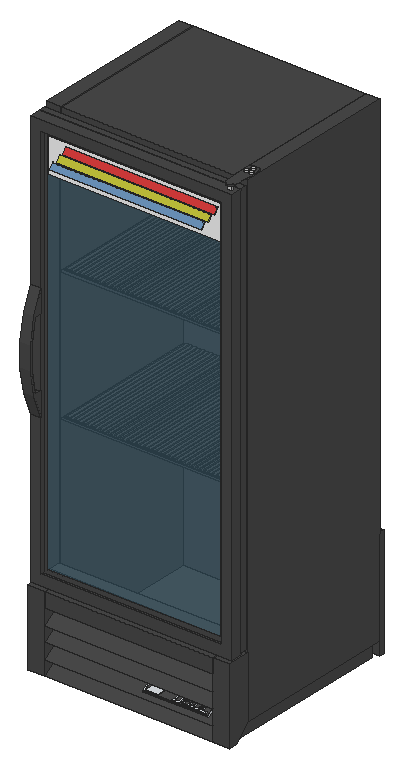
Revit family "QF_TRUE_GDM-12FC-HC~TSL01", category Specialty Equipment, Revit 2016 (continued)
Definition of nested family "2.5 INCHES_CASTER"
  Forms (in)
    Extrusion 2, solid, visible <- "2.5 Inches Caster"
      sketch origin (-1.93794, 1.80294, -3.2541) x (0, 1, 0) y (0, 0, 1)
        loop
          arc (0.12713, 4.91318) -> (-0.07255, 5.06376) -> (-0.29048, 5.18644) r 1.8753
          line (-0.29048, 5.18644) -> (-0.22239, 5.30423)
          arc (-0.22239, 5.30423) -> (-0.42776, 5.38437) -> (-0.64294, 5.43229) r 1.44292
      from 1.17357 to 2.70231
    Revolve 3, solid, visible <- "2.5 Inches Caster"
      sketch origin (0, 2.10856, -3.75) x (0, 1, 0) y (0, 0, 1)
        loop
          line (-1.73858, 6.25) -> (-1.73858, 6.04889) -> (-1.05793, 6.04889) -> (-1.05793, 6.25) -> (-1.73858, 6.25)
        axis (-1.73858, 6.04889) -> (-1.73858, 6.25)
      angle from 0 to 360
    Extrusion 4, solid, visible <- "2.5 Inches Caster"
      sketch origin (-1.98481, 1.80294, -1.7541) x (0, 1, 0) y (0, 0, 1)
        loop
          line (-2.21294, 4.05298) -> (-2.21294, 3.80272) -> (-2.13999, 3.80272)
          arc (-2.13999, 3.80272) -> (-1.62379, 3.51899) -> (-1.39241, 2.97729) r 0.90292
          arc (-1.39241, 2.97729) -> (-1.36136, 2.78161) -> (-1.29729, 2.59413) r 1.15385
          arc (-1.29729, 2.59413) -> (-0.94802, 2.37355) -> (-0.6121, 2.61396) r 0.37001
          arc (-0.6121, 2.61396) -> (-0.59625, 2.66241) -> (-0.58446, 2.712) r 0.61695
          arc (-0.58446, 2.712) -> (-0.36134, 3.11665) -> (0.05609, 3.31484) r 0.75313
          line (0.05609, 3.31484) -> (0.12713, 3.41318)
          arc (0.12713, 3.41318) -> (-0.07255, 3.56376) -> (-0.29048, 3.68644) r 1.8753
          line (-0.29048, 3.68644) -> (-0.22239, 3.80423)
          arc (-0.22239, 3.80423) -> (-0.42776, 3.88437) -> (-0.64294, 3.93229) r 1.44292
          line (-0.64294, 3.93229) -> (-0.64294, 4.05298) -> (-2.21294, 4.05298)
      from 2.74918 to 2.90825
    Extrusion 5, solid, visible <- "2.5 Inches Caster"
      sketch origin (1.98481, 1.80294, -1.7541) x (0, 1, 0) y (0, 0, -1)
        loop
          line (-2.21294, -4.05298) -> (-0.64294, -4.05298) -> (-0.64294, -3.93229)
          arc (-0.64294, -3.93229) -> (-0.42776, -3.88437) -> (-0.22239, -3.80423) r 1.44292
          line (-0.22239, -3.80423) -> (-0.29048, -3.68644)
          arc (-0.29048, -3.68644) -> (-0.07255, -3.56376) -> (0.12713, -3.41318) r 1.8753
          line (0.12713, -3.41318) -> (0.05609, -3.31484)
          arc (0.05609, -3.31484) -> (-0.36134, -3.11665) -> (-0.58446, -2.712) r 0.75313
          arc (-0.58446, -2.712) -> (-0.59625, -2.66241) -> (-0.6121, -2.61396) r 0.61695
          arc (-0.6121, -2.61396) -> (-0.94802, -2.37355) -> (-1.29729, -2.59413) r 0.37001
          arc (-1.29729, -2.59413) -> (-1.36136, -2.78161) -> (-1.39241, -2.97729) r 1.15385
          arc (-1.39241, -2.97729) -> (-1.62379, -3.51899) -> (-2.13999, -3.80272) r 0.90292
          line (-2.13999, -3.80272) -> (-2.21294, -3.80272) -> (-2.21294, -4.05298)
      from 2.74918 to 2.90825
  Lines and regions (in)
    symbolic lines, visible <- "2.5 Inches Caster"
      curve 1: line (0.10651, 1.96132, 0) -> (0.80944, 1.55548, 0)
      curve 2: line (-0.89349, 0.22927, 0) -> (0.10651, 1.96132, 0)
      curve 3: line (-0.19056, -0.17657, 0) -> (-0.89349, 0.22927, 0)
      curve 4: line (0.80944, 1.55548, 0) -> (-0.19056, -0.17657, 0)
  Dimensions and locks (in)
    plane 4 "TOP" to level = 2 1/2"  (x2)
    aligned and locked: level to plane 1
